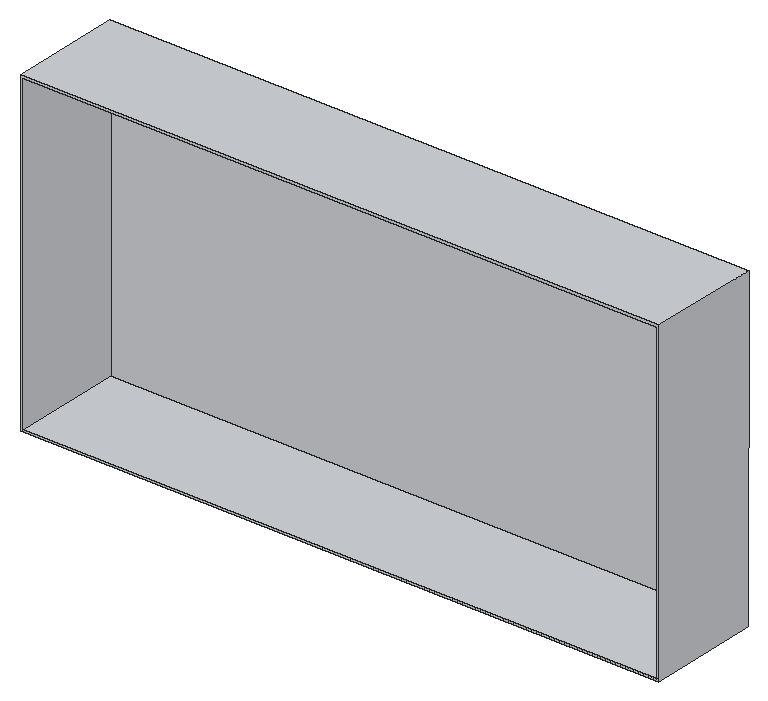
Revit family "Panelboard_400A_Cable_Spreader-empty-NoHosted-UK-en", category Electrical Equipment, Revit 2020
Family settings
  Panel Configuration = Two Columns, Circuits Across
  Round Connector Dimension = Use Diameter
  Part Type = Panelboard
  Work Plane-Based = Yes
  Always vertical = Yes
  Cut with Voids When Loaded = No
  Shared = No
  Room Calculation Point = No
Parameters (values of type "Surface mounted P2XC W900 H450 D158 0 Modular spacings - JF806E")
  Width Control [instance] = if([HG000006 - Flush mounted], if([EF000846 - Built-in width] > min_whd, [EF000846 - Built-in width], min_whd), if([EF000008 - Width] > min_whd, ([EF000008 - Width]), min_whd))  # 900 mm
  Void Depth [instance] = if([EF000218 - Built-in depth] > 1 mm, [EF000218 - Built-in depth], 1 mm)  # 1 mm
  Type Comments = [HG000003 - Range]  # "Panelboards"
  System Height [instance] = Height Control - 2 * [HG000005 - Thickness]  # 444 mm
  Panel Name [instance] = ""  # (empty or 0)
  Offset [instance] = 0 mm
  Model = [HG000004 - Manufacturer reference]  # "JF806E"
  Level Offset [instance] = [Flush Mounted - Door Frame Width] + Offset  # 0 mm
  HG000017 - Distance between poles = 18 mm
  HG000016 - Door 3d visibility [instance] = yes
  HG000015 - Clearance visibility [instance] = no
  HG000014 - Door on the right [instance] = yes
  HG000013 - Door on the left [instance] = not([HG000014 - Door on the right])  # no
  HG000012 - Door swing angle [instance] = 45.00°
  HG000011 - Empty rows from bottom = no
  HG000005 - Thickness = 3 mm  # constant formula
  Description = ""
  Default Elevation = 1219.2 mm
  Arrow Offset [instance] = Depth Control / 8  # 19.75 mm
  Arrow Height [instance] = Depth Control - Arrow Offset  # 138.25 mm
  Host Offset [instance] = if([HG000006 - Flush mounted], 0 mm, [EF000049 - Depth])  # 158 mm
  min_whd [instance] = (2 * [HG000005 - Thickness]) + 1 mm  # 7 mm
  Manufacturer = "Hager"  # constant formula
  Height Control [instance] = if([HG000006 - Flush mounted], if([EF000332 - Built-in height] > min_whd, [EF000332 - Built-in height], min_whd), if([EF000040 - Height] > min_whd, ([EF000040 - Height]), min_whd))  # 450 mm
  HG000010 - Asymmetric doors = no
  HG000009 - Double swing door = no
  HG000008 - Number of empty rows = 0
  HG000007 - Number of empty columns = 0
  HG000006 - Flush mounted = no
  HG000004 - Manufacturer reference = "JF806E"
  HG000003 - Range = "Panelboards"
  HG000002 - With door or cover = no
  HG000001 - Number of columns = 0
  Flush Mounted - Door Frame Width [instance] = if(([EF000040 - Height] - [EF000332 - Built-in height]) > 0 mm, if([HG000006 - Flush mounted], [EF000040 - Height] - [EF000332 - Built-in height], 0 mm), 0 mm)  # 0 mm
  EF015941 - Signal passing door = no
  EF015777 - Neutral terminal block = no
  EF015776 - Earthing terminal block = no
  EF009212 - Cover model = ""
  EF006306 - With lock = no
  EF006244 - Transparent cover/door = no
  EF005474 - Degree of protection (IP) = "EV009848 - IP2XC"
  EF004462 - Type of closure = "EV001412 - Cylinder"
  EF002950 - Width in number of modular spacings = 0
  EF001596 - Material housing = "EV000179 - Steel"
  EF001134 - DIN-rail = no
  EF001131 - Internal depth = 0 mm
  EF001088 - Extension possible = no
  EF001062 - EMC-version = no
  EF000846 - Built-in width = 0 mm
  EF000339 - Type of cover = "EV004216 - Door"
  EF000332 - Built-in height = 0 mm
  EF000266 - Number of rows = 0
  EF000218 - Built-in depth = 0 mm
  EF000118 - With mounting plate = no
  EF000116 - RAL-number = ""
  EF000049 - Depth = 158 mm
  EF000040 - Height = 450 mm
  EF000008 - Width = 900 mm
  EF000007 - Colour = "EV000154 - Other"
  EF000003 - Mounting method = "EV000384 - Surface mounted (plaster)"
  Depth Control [instance] = if([HG000006 - Flush mounted], if([EF000218 - Built-in depth] > 0 mm, [EF000218 - Built-in depth], 1 mm), if([EF000049 - Depth] > 0 mm, ([EF000049 - Depth]), 1 mm))  # 158 mm
Types (2, lengths in mm): name | System Height | Model | Height Control | HG000004 - Manufacturer reference | EF001088 - Extension possible | EF000040 - Height
  Surface mounted P2XC W900 H300 D158 0 Modular spacings - JF805E | 294 | "JF805E" | 300 | "JF805E" | yes | 300
  Surface mounted P2XC W900 H450 D158 0 Modular spacings - JF806E | 444 | "JF806E" | 450 | "JF806E" | no | 450
Reference planes
  plane 1 "Center (Front/Back)": y = 0
  plane 2: z = 0
  plane 3 "Center (Left/Right)": x = 0
  plane 4: y = 3
  plane 5: y = 0
  plane 6: y = 0
  plane 7: z = 0
  plane 8: x = -450
  plane 9: x = 450
  plane 10: x = 447
  plane 11: x = -447
  plane 12: z = 0
  plane 13: z = 3
  plane 14: y = -153
  plane 15: y = -158
  plane 16: y = -3
  plane 17: z = 447
  plane 18: z = 450
  plane 19: z = 225
  plane 20: x = 0
  plane 21: y = -100
Forms (mm)
  Extrusion 1, solid
    sketch origin (-208.679, -4572, 0) x (-1, 0, 0) y (0, -1, 0)
      loop
        line (241.321, -4414) -> (-658.679, -4414) -> (-658.679, -4572) -> (241.321, -4572) -> (241.321, -4414)
    from 0 to 450 <- "Height Control"
  Extrusion 2, void
    sketch origin (-350.771, -158, 1219.2) x (1, 0, 0) y (0, 0, 1)
      loop
        line (-96.229, -772.2) -> (-96.229, -1216.2) -> (797.771, -1216.2) -> (797.771, -772.2) -> (-96.229, -772.2)
    from 0 to -155
  Extrusion 3, solid, detail levels coarse+medium
    sketch origin (-350.771, -158, 1219.2) x (-1, 0, 0) y (0, 0, 1)
      loop
        line (96.229, -772.2) -> (-797.771, -772.2) -> (-797.771, -1216.2) -> (96.229, -1216.2) -> (96.229, -772.2)
    from 0 to 3 <- "HG000005 - Thickness"
Cuts and joins
  Extrusion 2 cuts Extrusion 1
Dimensions and locks
  "Flush Mounted - Door Frame Width": plane 1 "Center (Front/Back)" to plane 6
  "HG000005 - Thickness": plane 4 to plane 6
  "HG000005 - Thickness": plane 8 to plane 11
  "HG000005 - Thickness": plane 9 to plane 10
  equal spacing: plane 8, plane 3 "Center (Left/Right)", plane 9
  "Width Control": plane 8 to plane 9
  locked: plane 14 to plane 15 at 5
  "Host Offset": plane 1 "Center (Front/Back)" to plane 15
  "Depth Control": plane 5 to plane 15
  "HG000005 - Thickness": plane 5 to plane 16
  "HG000005 - Thickness": plane 13 to plane 12
  "Level Offset": plane 12 to level
  "HG000005 - Thickness": plane 18 to plane 17
  "Height Control": plane 18 to plane 12
  "Arrow Offset": plane 5 to nested 4
  equal spacing: plane 18, plane 19, plane 12
  locked: connector elem to plane 19
  locked: connector elem to plane 3 "Center (Left/Right)"
  aligned and locked: nested 1 to plane 14
  aligned and locked: plane 3 "Center (Left/Right)" to nested 1
  aligned and locked: plane 3 "Center (Left/Right)" to nested 2
  aligned and locked: nested 2 to plane 15
  aligned and locked: Extrusion 1 to plane 5
  aligned and locked: Extrusion 3 sketch curve to plane 17
  aligned and locked: Extrusion 3 sketch curve to plane 11
  aligned and locked: Extrusion 3 sketch curve to plane 13
  aligned and locked: Extrusion 3 sketch curve to plane 10
  aligned and locked: Extrusion 2 sketch curve to plane 13
  aligned and locked: Extrusion 2 sketch curve to plane 10
  aligned and locked: Extrusion 2 sketch curve to plane 17
  aligned and locked: Extrusion 2 sketch curve to plane 11
  aligned and locked: Extrusion 2 to plane 16
  aligned and locked: Extrusion 1 sketch curve to plane 5
  aligned and locked: plane 9 to Extrusion 1 sketch curve
  aligned and locked: plane 8 to Extrusion 1 sketch curve
  aligned and locked: plane 8 to nested 4
  aligned and locked: plane 8 to nested 3
  aligned and locked: nested 3 to plane 5
  aligned and locked: Extrusion 1 sketch curve to plane 15
  aligned and locked: Extrusion 2 to plane 15
Nested families
  nested 1: "Hager_Enclosure_System" at (0, -153, 3), Flush_Mounted <- "HG000006 - Flush mounted", Width <- "EF000008 - Width", Height <- "System Height", Width_Control <- "Width Control", Row_Module_Multiplicator <- "EF002950 - Width in number of modular spacings", Empty_Columns <- "HG000007 - Number of empty columns", Built-in_Width <- "EF000846 - Built-in width", Border <- "HG000005 - Thickness", Total_No_Empty_Rows <- "HG000008 - Number of empty rows", Depth <- "HG000005 - Thickness", Empty_Rows_From_Bottom <- "HG000011 - Empty rows from bottom", Distance_Between_Poles <- "HG000017 - Distance between poles", Rows_Count <- "EF000266 - Number of rows", Columns_Count <- "HG000001 - Number of columns", type "Hager_Enclosure_System", detail levels medium+fine
    with Width_Control 900 mm, Width 900 mm, Total_No_Rows 0, Total_No_Empty_Rows 0, Total_No_Columns 1, System_Width 894 mm, Rows_Count 0, Rows_Column 0, Row_Module_Multiplicator 0, Panel_4 no, Panel_3 no, Panel_2 no, Panel_1 no, No_Panels_Ctrl 1, Hide_Columns yes, Height 444 mm, Flush_Mounted no, Empty_Rows_From_Bottom no, Empty_Rows_Column 0, Empty_Columns 0, Distance_Between_Poles 18 mm, Depth 3 mm, Columns_Count 0, Column_Width 894 mm, Built-in_Width 0 mm, Border 3 mm
  nested 2: "Hager_Enclosure_Door" at (0, -158, 0), Double <- "HG000009 - Double swing door", Height_Ctrl <- "Height Control", Transparent <- "EF006244 - Transparent cover/door", Depth <- "EF000049 - Depth", Height <- "EF000040 - Height", Angle <- "HG000012 - Door swing angle", Door_Right <- "HG000014 - Door on the right", Assymetrical <- "HG000010 - Asymmetric doors", Flush_Mounted <- "HG000006 - Flush mounted", BuiltIn_Depth <- "EF000218 - Built-in depth", BuiltIn_Width <- "EF000846 - Built-in width", Door <- "HG000002 - With door or cover", Width_Ctrl <- "Width Control", 3d_Door <- "HG000016 - Door 3d visibility", Width <- "EF000008 - Width", Border <- "HG000005 - Thickness", BuiltIn_Height <- "EF000332 - Built-in height", Clearance <- "HG000015 - Clearance visibility", Door_Left <- "HG000013 - Door on the left", type "Hager_Enclosure_Door", detail levels medium+fine
    with min_wh 7 mm, Width_Ctrl 900 mm, Width 900 mm, Transparent_Door_No_Bottom_Border no, Transparent no, Leaf_Width 891 mm, Leaf_Tolerance 1.5 mm, Leaf_Height 441 mm, Leaf_2_Width 891 mm, Leaf_2_Offset 445.5 mm, Leaf_1_Width 891 mm, Leaf_1_Offset 445.5 mm, Height_Ctrl 450 mm, Height 450 mm, Frame_Width_Ctrl 900 mm, Frame_Width 900 mm, Frame_Internal_Offset 0 mm, Frame_Height_Ctrl 450 mm, Frame_Height 450 mm, Frame_Depth_Ctrl 1 mm, Frame_Depth 0 mm, Flush_Mounted no, Double_Clearance_Ctrl no, Double no, Door_Right_Ctrl no, Door_Right yes, Door_Left_Ctrl no, Door_Left no, Door no, Depth 158 mm, Clearance_Depth 891 mm, Clearance_Ctrl no, Clearance no, BuiltIn_Width 0 mm, BuiltIn_Height 0 mm, BuiltIn_Depth 0 mm, Border 3 mm, Assymetrical no, Angle 45.00°, 3d_Door yes
  nested 3: "Hager_Enclosure_Symbol_Triangle" at (-450, 0, 0), Depth <- "Depth Control", Width <- "Width Control", type "Hager_Enclosure_Symbol_Triangle"
    with Width_Ctrl 900 mm, Width 900 mm, Depth_Ctrl 158 mm, Depth 158 mm
  nested 4: "Hager_Enclosure_Symbol_Arrow" at (-450, -19.75, 0), Height <- "Arrow Height", type "Hager_Enclosure_Symbol_Arrow"
    with Width_Inside 10.369 mm, Width 124.425 mm, Height_Ctrl 138.25 mm, Height 138.25 mm
Connectors
  electrical at (0, 0, 225)
    settings: on plane 5, index 1, voltage 0 V, apparent load 0 VA, apparent load phase1 0 VA, apparent load phase2 0 VA, apparent load phase3 0 VA, power factor 1, load classification "Other", number of poles 1, system type 30, power factor state 1, is connector primary yes, connector utility no, sub classification motor no, connector description ""
Definition of nested family "Hager_Enclosure_Door"
  Parameters (values of type "Hager_Enclosure_Door")
    min_wh [instance] = (2 * Border) + 1 mm  # 11 mm
    Width_Ctrl [instance] = 400 mm
    Width [instance] = 500 mm
    Transparent_Door_No_Bottom_Border [instance] = no
    Transparent [instance] = yes
    Leaf_Width [instance] = if((Width_Ctrl - 2 * Border - 2 * Leaf_Tolerance) > 0 mm, (Width_Ctrl - 2 * Border - 2 * Leaf_Tolerance), min_wh)  # 387 mm
    Leaf_Tolerance [instance] = 1.5 mm  # constant formula
    Leaf_Height [instance] = if((Height_Ctrl - 2 * Border - 2 * Leaf_Tolerance) > 0 mm, (Height_Ctrl - 2 * Border - 2 * Leaf_Tolerance), min_wh)  # 387 mm
    Leaf_2_Width [instance] = if(and(and(Double, Assymetrical), Door_Left), (Leaf_Width / 3) - (Leaf_Tolerance / 2), if(and(and(Double, Assymetrical), Door_Right), (Leaf_Width / 3) * 2 - (Leaf_Tolerance / 2), if(and(Double, not(Assymetrical)), (Leaf_Width / 2) - Leaf_Tolerance, Leaf_Width)))  # 387 mm
    Leaf_2_Offset [instance] = if(and(Double, Assymetrical), Leaf_2_Width / 2, if(and(Double, not(Assymetrical)), Leaf_Width / 4, Leaf_Width / 2))  # 193.5 mm
    Leaf_1_Width [instance] = if(and(and(Double, Assymetrical), Door_Right), (Leaf_Width / 3) - (Leaf_Tolerance / 2), if(and(and(Double, Assymetrical), Door_Left), (Width / 3) * 2 - (Leaf_Tolerance / 2), if(and(Double, not(Assymetrical)), (Leaf_Width / 2) - Leaf_Tolerance, Leaf_Width)))  # 387 mm
    Leaf_1_Offset [instance] = if(and(Double, Assymetrical), Leaf_1_Width / 2, if(and(Double, not(Assymetrical)), Leaf_Width / 4, Leaf_Width / 2))  # 193.5 mm
    Height_Ctrl [instance] = 400 mm
    Height [instance] = 500 mm
    Frame_Width_Ctrl [instance] = if(Frame_Width > 0 mm, Frame_Width, 1 mm)  # 1 mm
    Frame_Width [instance] = Width - BuiltIn_Width  # 0 mm
    Frame_Internal_Offset [instance] = if(Flush_Mounted, Border, 0 mm)  # 5 mm
    Frame_Height_Ctrl [instance] = if(Frame_Height > 0 mm, Frame_Height, 1 mm)  # 1 mm
    Frame_Height [instance] = Height - BuiltIn_Height  # 0 mm
    Frame_Depth_Ctrl [instance] = if(Frame_Depth > 0 mm, Frame_Depth, 1 mm)  # 1 mm
    Frame_Depth [instance] = if(Depth - BuiltIn_Depth > 0 mm, if(Flush_Mounted, Depth - BuiltIn_Depth, 0 mm), 0 mm)  # 0 mm
    Flush_Mounted [instance] = yes
    Double_Clearance_Ctrl [instance] = and(Double, Clearance)  # no
    Double [instance] = no
    Door_Right_Ctrl [instance] = and(or(Door_Right, Double), Door)  # yes
    Door_Right [instance] = yes
    Door_Left_Ctrl [instance] = and(or(Door_Left, Double), Door)  # no
    Door_Left [instance] = no
    Door [instance] = yes
    Depth [instance] = 500 mm
    Default Elevation = 1219.2 mm
    Clearance_Material = none
    Clearance_Depth [instance] = if(Leaf_1_Width > Leaf_2_Width, Leaf_1_Width, Leaf_2_Width)  # 387 mm
    Clearance_Ctrl [instance] = and(not(Double), Clearance)  # yes
    Clearance [instance] = yes
    BuiltIn_Width [instance] = 500 mm
    BuiltIn_Height [instance] = 500 mm
    BuiltIn_Depth [instance] = 500 mm
    Border [instance] = 5 mm
    Assymetrical [instance] = yes
    Angle [instance] = 30.00°
    3d_Door [instance] = yes
  Reference planes
    plane 1 "Center (Front/Back)": y = 0
    plane 2 "Bottom": z = 0
    plane 3 "Center (Left/Right)": x = 0
    plane 4: z = 400
    plane 5: x = -200
    plane 6: x = 200
    plane 7: z = 395
    plane 8: x = -195
    plane 9: z = 5
    plane 10: x = 195
    plane 11: y = 0
    plane 12: z = 6.5
    plane 13: x = -582
    plane 14: y = -387
    plane 15: x = 582
    plane 16: x = 0
    plane 17: x = 0
    plane 18: x = -193.5
    plane 19: x = 193.5
    plane 20: z = 393.5
  Forms (mm)
    Extrusion 1, solid, visible <- "Flush_Mounted"
      sketch origin (0, 0, 0) x (1, 0, 0) y (0, 0, 1)
        loop
          line (195, 5) -> (195, 395) -> (-195, 395) -> (-195, 5) -> (195, 5)
        loop
          line (-201, 401) -> (-201, -1) -> (201, -1) -> (201, 401) -> (-201, 401)
      from 0 to 1 <- "Frame_Depth_Ctrl"
    Extrusion 2, solid, material <- "Clearance_Material", visible <- "Double_Clearance_Ctrl"
      sketch origin (1200, 0, 0) x (1, 0, 0) y (0, 0, -1)
        loop
          line (-1782, -393.5) -> (-618, -393.5) -> (-618, 0) -> (-1782, 0) -> (-1782, -393.5)
      from 0 to -387
  Dimensions and locks
    equal spacing: plane 5, plane 3 "Center (Left/Right)", plane 6
    "Width_Ctrl": plane 5 to plane 6
    "Border": plane 5 to plane 8
    "Border": plane 6 to plane 10
    "Border": plane 9 to level
    "Border": plane 4 to plane 7
    "Height_Ctrl": plane 4 to level
    "Leaf_Tolerance": plane 12 to plane 9
    "Frame_Depth": plane 11 to plane 1 "Center (Front/Back)"
    "Frame_Width_Ctrl": plane 5 to Extrusion 1 sketch curve
    "Frame_Width_Ctrl": plane 6 to Extrusion 1 sketch curve
    "Frame_Width_Ctrl": Extrusion 1 sketch curve to plane 4
    "Frame_Width_Ctrl": plane 2 "Bottom" to Extrusion 1 sketch curve
    "Leaf_1_Offset": plane 18 to plane 16
    "Leaf_2_Offset": plane 17 to plane 19
    "Leaf_1_Width": plane 13 to plane 8
    "Leaf_2_Width": plane 10 to plane 15
    "Clearance_Depth": plane 14 to plane 1 "Center (Front/Back)"
    "Leaf_Tolerance": plane 8 to plane 18
    "Leaf_Tolerance": plane 19 to plane 10
    "Leaf_Tolerance": plane 7 to plane 20
    "Frame_Internal_Offset": plane 5 to Extrusion 1 sketch curve
    "Frame_Internal_Offset": Extrusion 1 sketch curve to plane 2 "Bottom"
    "Frame_Internal_Offset": plane 6 to Extrusion 1 sketch curve
    "Frame_Internal_Offset": plane 4 to Extrusion 1 sketch curve
    aligned and locked: level to plane 2 "Bottom"
    aligned and locked: nested 1 to plane 16
    aligned and locked: nested 2 to plane 17
    aligned and locked: Extrusion 2 to plane 13
    aligned and locked: plane 15 to Extrusion 2
    aligned and locked: Extrusion 2 to plane 14
    aligned and locked: plane 12 to nested 1
    aligned and locked: nested 2 to plane 12
    aligned and locked: Extrusion 2 to plane 11
    aligned and locked: plane 20 to Extrusion 2
    aligned and locked: nested 2 to plane 11
    aligned and locked: nested 1 to plane 11
  Automatic sketch dimensions
    Extrusion 2 sketch curve to level = 0 mm
    plane 5 to Extrusion 2 sketch curve = 382 mm
    plane 6 to Extrusion 2 sketch curve = 382 mm
    Extrusion 2 sketch curve to plane 4 = 6.5 mm
  Nested families
    nested 1: "Hager_Enclosure_Door_Leaf" at (0, 0, 6.5), Width <- "Leaf_1_Width", visible <- "Door_Left_Ctrl", Leaf_Height <- "Leaf_Height", Angle <- "Angle", Depth <- "Border", 3d_Door <- "3d_Door", Transparent <- "Transparent", Clearance Material <- "Clearance_Material", Clearance <- "Clearance_Ctrl", Transparent_Door_No_Bottom_Border <- "Transparent_Door_No_Bottom_Border", type "Hager_Enclosure_Door_Leaf"
      with Width 387 mm, Transparent_Door_No_Bottom_Border no, Transparent_Door_Border_Bottom_Top 25 mm, Transparent_Door_Border 25 mm, Transparent_Ctrl yes, Transparent yes, Standard no, Leaf_Height 387 mm, Glass_Offset 1 mm, Depth 5 mm, Clearance Material none, Clearance yes, Angle_Ctrl 30.00°, Angle 30.00°, 3d_Door yes
    nested 2: "Hager_Enclosure_Door_Leaf" at (0, 0, 6.5) x (-1, 0, 0) z (0, 0, 1), Width <- "Leaf_2_Width", visible <- "Door_Right_Ctrl", Leaf_Height <- "Leaf_Height", Angle <- "Angle", Depth <- "Border", 3d_Door <- "3d_Door", Transparent <- "Transparent", Clearance Material <- "Clearance_Material", Clearance <- "Clearance_Ctrl", Transparent_Door_No_Bottom_Border <- "Transparent_Door_No_Bottom_Border", type "Hager_Enclosure_Door_Leaf"
      with Width 387 mm, Transparent_Door_No_Bottom_Border no, Transparent_Door_Border_Bottom_Top 25 mm, Transparent_Door_Border 25 mm, Transparent_Ctrl yes, Transparent yes, Standard no, Leaf_Height 387 mm, Glass_Offset 1 mm, Depth 5 mm, Clearance Material none, Clearance yes, Angle_Ctrl 30.00°, Angle 30.00°, 3d_Door yes
  Definition of nested family "Hager_Enclosure_Door_Leaf"
    Parameters (values of type "Hager_Enclosure_Door_Leaf")
      Width [instance] = 2000 mm
      Transparent_Door_No_Bottom_Border [instance] = yes
      Transparent_Door_Border_Bottom_Top [instance] = if(Transparent_Door_No_Bottom_Border, 0.1 mm, Transparent_Door_Border)  # 0.1 mm
      Transparent_Door_Border [instance] = if(Transparent_Door_No_Bottom_Border, (Width * 0.12), 25 mm)  # 240 mm
      Transparent_Ctrl [instance] = and(Transparent, [3d_Door])  # yes
      Transparent [instance] = yes
      Standard [instance] = and(not(Transparent), [3d_Door])  # no
      Leaf_Height [instance] = 2720.336 mm
      Glass_Offset [instance] = if((Depth - 10 mm) / 2 > 0 mm, (Depth - 10 mm) / 2, 1 mm)  # 15 mm
      Glass_Material = none
      Depth [instance] = 40 mm
      Default Elevation = 0 mm
      Clearance Material [instance] = none
      Clearance [instance] = yes
      Angle_Ctrl [instance] = if(Angle > 170.00°, 170.00°, Angle)  # 45.00°
      Angle [instance] = 45.00°
      3d_Door [instance] = yes
    Reference planes
      plane 1 "Center (Front/Back)": y = 0
      plane 2: z = 0
      plane 3 "Center (Left/Right)": x = 0
      plane 4: y = 2000
      plane 5: x = -1000
      plane 6: x = 1000
      plane 7: x = -3000
      plane 8: z = 2720.336
      plane 9: z = 0.1
      plane 10: z = 2720.236
      plane 11: x = 760
      plane 12: x = -760
    Forms (mm)
      Extrusion 1, solid, material <- "Clearance Material", visible <- "Clearance"
        sketch origin (0, 0, 0) x (1, 0, 0) y (0, 0, 1)
          loop
            line (-3000, 2720.336) -> (-3000, 0) -> (1000, 0) -> (1000, 2720.336) -> (-3000, 2720.336)
        from 0 to -2000
      Extrusion 2, solid, visible <- "Standard", detail levels medium+fine
        sketch origin (-1000, 0, 0) x (0.707107, 0.707107, 0) y (-0.707107, 0.707107, 0)
          loop
            line (0, -40) -> (2000, -40) -> (2000, 0) -> (0, 0) -> (0, -40)
        from 0 to 2720.336 <- "Leaf_Height"
      Extrusion 3, solid, visible <- "Transparent_Ctrl", detail levels medium+fine
        sketch origin (-1000, 0, 0) x (0.707107, 0.707107, 0) y (-0.707107, 0.707107, 0)
          loop
            line (0, -40) -> (2000, -40) -> (2000, 0) -> (0, 0) -> (0, -40)
        from 0 to 2720.336 <- "Leaf_Height"
      Extrusion 4, void, detail levels medium+fine
        sketch origin (-1000, 0, 0) x (-0.707107, 0.707107, 0) y (0.707107, 0.707107, 0)
          loop
            line (0, 240) -> (0, 1760) -> (-40, 1760) -> (-40, 240) -> (0, 240)
        from -2720.236 to -0.1
      Extrusion 5, solid, material <- "Glass_Material", visible <- "Transparent_Ctrl", detail levels medium+fine
        sketch origin (-1000, 0, 0) x (0.707107, 0.707107, 0) y (-0.707107, 0.707107, 0)
          loop
            line (240, -15) -> (240, -25) -> (1760, -25) -> (1760, -15) -> (240, -15)
        from 0.1 to 2720.236
    Cuts and joins
      Extrusion 4 cuts Extrusion 3
    Lines and regions (mm)
      symbolic lines
        curve 1: line (1000, 0, 0) -> (-3000, 0, 0)
        curve 2: arc (1000, 0, 0) -> (-1000, 2000, 0) -> (-3000, 0, 0) r 2000
        curve 4: line (-1000, 0, 0) -> (414.214, 1414.214, 0)
      reference lines
        curve 3: line (-1000, 0, 0) -> (414.214, 1414.214, 0)
      symbolic lines, detail levels medium+fine
        curve 5: line (414.214, 1414.214, 0) -> (442.498, 1385.929, 0)
        curve 6: line (442.498, 1385.929, 0) -> (-971.716, -28.284, 0)
        curve 7: line (-971.716, -28.284, 0) -> (-1000, 0, 0)
        curve 8: line (-1000, 0, 2720.336) -> (1000, 0, 2720.336)
        curve 9: line (-1000, 0, 0) -> (-1000, 0, 2720.336)
        curve 10: line (1000, 0, 0) -> (-1000, 0, 0)
        curve 11: line (1000, 0, 2720.336) -> (1000, 0, 0)
      symbolic lines, visible <- "Transparent_Ctrl", detail levels medium+fine
        curve 12: line (-760, 0, 2720.236) -> (760, 0, 2720.236)
        curve 13: line (-760, 0, 0.1) -> (-760, 0, 2720.236)
        curve 14: line (760, 0, 0.1) -> (-760, 0, 0.1)
        curve 15: line (760, 0, 2720.236) -> (760, 0, 0.1)
    Dimensions and locks
      "Width": plane 1 "Center (Front/Back)" to plane 4
      equal spacing: plane 5, plane 3 "Center (Left/Right)", plane 6
      "Width": plane 5 to plane 6
      "Width": plane 7 to plane 5
      "Leaf_Height": plane 8 to level
      "Depth": curve 6 to curve 3
      "Width": curve 5 to curve 3
      "Width": curve 3 to curve 3
      "Transparent_Door_Border": Extrusion 4 sketch curve to curve 7
      "Transparent_Door_Border": Extrusion 4 sketch curve to curve 5
      "Transparent_Door_Border_Bottom_Top": plane 8 to plane 10
      "Transparent_Door_Border_Bottom_Top": plane 9 to level
      "Glass_Offset": Extrusion 5 sketch curve to curve 4
      "Glass_Offset": Extrusion 5 sketch curve to curve 6
      "Transparent_Door_Border": Extrusion 5 sketch curve to curve 5
      "Transparent_Door_Border": Extrusion 5 sketch curve to curve 7
      "Transparent_Door_Border": plane 12 to plane 5
      "Transparent_Door_Border": plane 6 to plane 11
      "Angle_Ctrl": angle plane 1 "Center (Front/Back)" to curve 3
      aligned and locked: level to plane 2
      aligned and locked: Extrusion 1 to curve 1
      aligned and locked: plane 6 to Extrusion 1
      aligned and locked: Extrusion 1 to plane 1 "Center (Front/Back)"
      aligned and locked: plane 4 to Extrusion 1
      aligned and locked: plane 8 to Extrusion 1
      aligned and locked: curve 4 to curve 3
      aligned and locked: Extrusion 2 sketch curve to curve 7
      aligned and locked: Extrusion 2 sketch curve to curve 6
      aligned and locked: Extrusion 2 sketch curve to curve 5
      aligned and locked: Extrusion 2 sketch curve to curve 3
      aligned and locked: curve 7 to Extrusion 3 sketch curve
      aligned and locked: Extrusion 3 sketch curve to curve 4
      aligned and locked: Extrusion 3 sketch curve to curve 6
      aligned and locked: Extrusion 3 sketch curve to curve 5
      aligned and locked: curve 4 to Extrusion 4 sketch curve
      aligned and locked: curve 6 to Extrusion 4 sketch curve
      aligned and locked: Extrusion 4 to plane 9
      aligned and locked: Extrusion 4 to plane 10
      aligned and locked: Extrusion 5 to plane 9
      aligned and locked: Extrusion 5 to plane 10
      aligned and locked: curve 8 to plane 8
      aligned and locked: plane 5 to curve 9
      aligned and locked: plane 2 to curve 10
      aligned and locked: curve 11 to plane 6
      aligned and locked: plane 10 to curve 12
      aligned and locked: plane 12 to curve 13
      aligned and locked: curve 14 to plane 9
      aligned and locked: plane 11 to curve 15
    Automatic sketch dimensions
      plane 1 "Center (Front/Back)" to curve 2 = 0 mm
      curve 2 to plane 5 = 0 mm
      Extrusion 1 sketch curve to level = 0 mm
      Extrusion 1 sketch curve to plane 7 = 0 mm
      Extrusion 1 sketch curve to plane 6 = 0 mm
      Extrusion 1 sketch curve to plane 8 = 0 mm
      plane 1 "Center (Front/Back)" to curve 3 = 0 mm
      curve 3 to plane 5 = 0 mm
      curve 7 to curve 3 = 0 mm
Definition of nested family "Hager_Enclosure_Symbol_Triangle"
  Parameters (values of type "Hager_Enclosure_Symbol_Triangle")
    Width_Ctrl [instance] = if(Width > 1 mm, Width, 1 mm)  # 498 mm
    Width [instance] = 498 mm
    Depth_Ctrl [instance] = if(Depth > 1 mm, Depth, 1 mm)  # 72 mm
    Depth [instance] = 72 mm
  Reference planes
    plane 1 "Centre (avant/arrière)": y = 0
    plane 2: z = 0
    plane 3 "Centre (gauche/droite)": x = 0
  Lines and regions (mm)
    Filled region 1, type "Solid_Black", in view "Niveau de réf."
      outline origin (0, 0, 0) x (1, 0, 0) y (0, 1, 0)
        loop
          line (0, 0) -> (498, 0) -> (498, 72) -> (0, 0)
    reference lines, in view "Niveau de réf."
      curve 1: line (-206.153, 72, 0) -> (1083.258, 72, 0)
      curve 2: line (498, 405.456, 0) -> (498, -517.619, 0)
  Dimensions and locks
    "Depth_Ctrl": plane 1 "Centre (avant/arrière)" to curve 1
    "Width_Ctrl": plane 3 "Centre (gauche/droite)" to curve 2
    aligned and locked: curve 1 to Filled region 1 sketch curve
    aligned and locked: Filled region 1 sketch curve to plane 1 "Centre (avant/arrière)"
    aligned and locked: curve 2 to Filled region 1 sketch curve
    aligned and locked: plane 3 "Centre (gauche/droite)" to Filled region 1 sketch curve
    aligned and locked: plane 1 "Centre (avant/arrière)" to Filled region 1 sketch curve
  Automatic sketch dimensions
    curve 1 to plane 3 "Centre (gauche/droite)" = 206.153 mm
    curve 2 to curve 1 = 585.258 mm
    plane 1 "Centre (avant/arrière)" to curve 2 = 517.619 mm
    curve 2 to plane 1 "Centre (avant/arrière)" = 405.456 mm
Definition of nested family "Hager_Enclosure_Symbol_Arrow"
  Parameters (values of type "Hager_Enclosure_Symbol_Arrow")
    Width_Inside [instance] = if(Width / 12 > 2 mm, Width / 12, 2 mm)  # 4.987 mm
    Width [instance] = if(Height_Ctrl * 0.9 > 2 mm, Height_Ctrl * 0.9, 2 mm)  # 59.85 mm
    Height_Ctrl [instance] = if(Height > 2 mm, Height, 2 mm)  # 66.5 mm
    Height [instance] = 66.5 mm
  Reference planes
    plane 1 "Centre (avant/arrière)": y = 0
    plane 2: z = 0
    plane 3 "Centre (gauche/droite)": x = 0
    plane 4: x = 59.85
    plane 5: y = 28.263
    plane 6: y = 38.238
    plane 7: y = 66.5
    plane 8: x = 29.925
    plane 9: y = 33.25
  Lines and regions (mm)
    Filled region 1, type "Solid_Black", in view "Niveau de réf."
      outline origin (0, 0, 0) x (1, 0, 0) y (0, 1, 0)
        loop
          line (59.85, 66.5) -> (37.929, 52.827) -> (51.846, 41.935) -> (59.85, 66.5)
    detail lines, in view "Niveau de réf."
      curve 1: line (0, 0, 0) -> (29.925, 38.238, 0)
      curve 2: line (29.925, 38.238, 0) -> (29.925, 28.263, 0)
      curve 3: line (29.925, 28.263, 0) -> (59.85, 66.5, 0)
  Dimensions and locks
    "Width": plane 3 "Centre (gauche/droite)" to plane 4
    "Height_Ctrl": plane 7 to plane 1 "Centre (avant/arrière)"
    equal spacing: plane 3 "Centre (gauche/droite)", plane 8, plane 4
    equal spacing: plane 7, plane 9, plane 1 "Centre (avant/arrière)"
    equal spacing: plane 6, plane 9, plane 5
    "Width_Inside": plane 6 to plane 9
    equal spacing: curve 3, Filled region 1 sketch curve, Filled region 1 sketch curve
    angle Filled region 1 sketch curve to curve 3 = 20.00°
    angle curve 3 to Filled region 1 sketch curve = 20.00°
    locked: curve 3 to Filled region 1 sketch curve (angle 90.00°)
  Automatic sketch dimensions
    plane 1 "Centre (avant/arrière)" to curve 1 = 0 mm
    curve 1 to plane 3 "Centre (gauche/droite)" = 0 mm
    curve 2 to plane 6 = 0 mm
    curve 3 to plane 8 = 0 mm
    curve 3 to plane 4 = 0 mm
    curve 2 to plane 5 = 0 mm
    curve 3 to plane 7 = 0 mm
    Filled region 1 sketch curve to plane 4 = 0 mm
    Filled region 1 sketch curve to plane 7 = 0 mm
